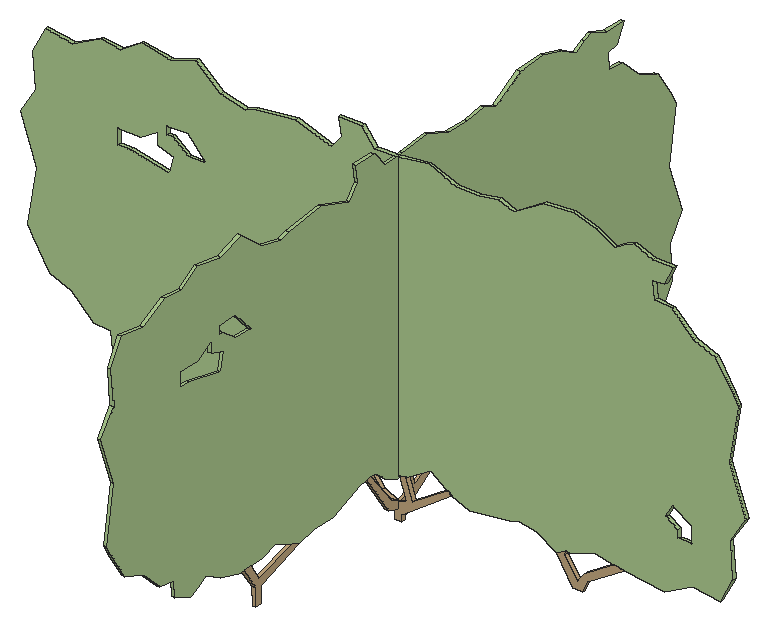
Revit family "L-PL낙엽관목_조팝나무", category 수목, Revit 2019
Family settings
  OmniClass 번호 = 23.40.05.00
  OmniClass 제목 = Plants and Planting Products
  작업 기준면 기반 = 아니오
  항상 수직 = 예
  로드될 때 보이드를 사용하여 절단 = 아니오
  렌더 모양 소스 = 패밀리 형상
  공유 = 아니오
Parameters (values of type "조팝나무")
  한국산업규격KS = ""
  조달청표준공사코드-세부공종 = "10161599202809"
  높이 = 1000 mm
  건설정보분류체계-부위분류 = "E985"
  LIM_INFO_주의사항 = "재배포, 재가공, 판매 금지"
  LIM_INFO_제작일 = "20211210"
  LIM_INFO_버전 = "2022_V01"
  LIM_INFO_PL_학명 = "Quercus myrsinaefolia Bl."
  LIM_INFO_PL_품명 = "가시나무"
  LIM_INFO_PL_주당인정수량 = 0
  LIM_INFO_PL_수목단위 = "주"
  LIM_INFO_PL_규격 = "5.0H X 18R"
  LIM_INFO_PL_구분 = "상록교목"
  LIM_INFO_PL_가격 = 0
  LIM_INFO_PL_Qty [instance] = 0
  LIM_INFO_PL_M2당수량 = 0
  KBIMS_식별-버전 = ""
  KBIMS_식별-bSK등록번호 = ""
  KBIMS_보급정보-저작자 = "림인포테크_MMJ"
  KBIMS_보급정보-보급코드 = ""
Reference planes
  plane 1 "중심(앞/뒤)": y = 0
  plane 2: z = 0
  plane 3 "중심(왼쪽/오른쪽)": x = 0
  plane 4: x = 482.5
  plane 5: x = -607.5
  plane 6: z = -545
  plane 7: z = -817.5
  plane 8: z = 5000
  plane 9: x = -100
  plane 10: x = 100
Dimensions and locks
  plane 4 to plane 5 = 1090 mm
  plane 6 to level = 545 mm
  plane 7 to plane 6 = 272.5 mm
  locked: level to plane 8 at 5000
  plane 9 to plane 10 = 200 mm
  aligned and locked: level to plane 2
Nested families
  nested 1: "조팝나무_base" at (0, 0, 0), type "조팝나무_base"
Definition of nested family "조팝나무_base"
  Parameters (values of type "조팝나무_base")
    Height = 6000 mm
  Reference planes
    plane 1 "중심(앞/뒤)": y = 0
    plane 2: z = 0
    plane 3 "중심(왼쪽/오른쪽)": x = 0
  Forms (mm)
    Revolve 1, solid, detail levels coarse
      sketch origin (0, 0, 0) x (1, 0, 0) y (0, 0, 1)
        loop
          line (0.01, 0) -> (0.01, 604.823) -> (-339.99, 604.823)
          arc (-339.99, 604.823) -> (-453.127, 557.96) -> (-499.99, 444.823) r 160
          line (-499.99, 444.823) -> (-499.99, 140)
          arc (-499.99, 140) -> (-476.558, 83.431) -> (-419.99, 60) r 80
          line (-419.99, 60) -> (-158.625, 60) -> (-158.625, 0) -> (0.01, 0)
        axis (0.01, 604.823) -> (0.01, 0)
      angle from 0 to 360
    Extrusion 2, solid, detail levels fine
      sketch origin (0, 0, 0) x (1, 0, 0) y (0, 0, 1)
        loop
          line (379.092, 444.92) -> (396.295, 446.915) -> (409.26, 472.584) -> (379.118, 472.584) -> (350.959, 483.224) -> (337.567, 478.076) -> (322.458, 468.808) -> (295.329, 483.568) -> (262.364, 493.179) -> (219.439, 490.089) -> (175.485, 463.924) -> (153.507, 472.505) -> (123.289, 467.013) -> (89.98, 467.013) -> (49.895, 482.524) -> (5.068, 477.138) -> (-28.556, 475.766) -> (-47.661, 498.791) -> (-81.832, 498.791) -> (-77.688, 474.122) -> (-92.343, 455.812) -> (-143.831, 473.299) -> (-203.416, 465.027) -> (-217.76, 460.616) -> (-254.449, 468.612) -> (-291.137, 498.778) -> (-329.205, 486.646) -> (-370.583, 493.815) -> (-400.375, 474.954) -> (-430.168, 478.263) -> (-470.994, 457.858) -> (-511.269, 463.373) -> (-530.027, 428.079) -> (-526.165, 377.344) -> (-548.233, 343.152) -> (-524.51, 275.873) -> (-537.751, 197.564) -> (-530.578, 184.329) -> (-504.658, 144.862) -> (-472.098, 132.367) -> (-440.162, 102.504) -> (-415.438, 100.445) -> (-412.691, 76.761) -> (-384.533, 66.12) -> (-371.14, 71.269) -> (-356.031, 80.536) -> (-328.903, 65.777) -> (-295.937, 56.166) -> (-287.867, 56.747) -> (-253.012, 59.255) -> (-231.035, 66.12) -> (-187.081, 48.958) -> (-156.862, 54.45) -> (-123.553, 54.45) -> (-75.027, 75.044) -> (-54.357, 77.564) -> (-46.869, 78.477) -> (-28.325, 64.404) -> (-5.661, 53.763) -> (17.138, 61.263) -> (21.467, 62.687) -> (53.059, 81.566) -> (84.308, 59.598) -> (110.258, 48.164) -> (169.843, 56.436) -> (184.187, 60.847) -> (208.599, 55.527) -> (237.458, 38.447) -> (251.087, 46.266) -> (257.564, 44.855) -> (295.632, 56.987) -> (322.038, 52.412) -> (337.01, 49.818) -> (396.594, 43.2) -> (437.421, 63.605) -> (477.695, 58.09) -> (496.453, 93.384) -> (492.591, 144.119) -> (514.66, 178.311) -> (490.936, 245.59) -> (504.177, 323.899) -> (497.005, 337.134) -> (471.084, 376.601) -> (438.525, 389.096) -> (406.589, 418.959) -> (381.865, 421.018) -> (379.092, 444.92)
        loop
          line (-346.247, 386.229) -> (-371.445, 370.038) -> (-404.742, 370.038) -> (-404.742, 348.449) -> (-385.844, 348.449) -> (-329.148, 336.754) -> (-323.296, 361.045) -> (-346.247, 369.138) -> (-346.247, 386.229)
        loop
          line (435.774, 142.926) -> (408.476, 159.979) -> (397.62, 142.602) -> (415.302, 131.556) -> (415.302, 120.188) -> (435.774, 120.188) -> (435.774, 142.926)
        loop
          line (-303.423, 400.057) -> (-333.115, 398.997) -> (-333.115, 386.631) -> (-325.339, 386.631) -> (-301.655, 368.611) -> (-274.438, 368.611) -> (-303.423, 400.057)
      from 0 to 5
    Extrusion 3, solid, detail levels fine
      sketch origin (0, 0, 0) x (1, 0, 0) y (0, 0, 1)
        loop
          line (-256.883, 23.755) -> (-187.081, 48.958) -> (-197.846, 53.161) -> (-259.758, 34.676) -> (-274.475, 57.71) -> (-287.867, 56.747) -> (-265.508, 25.48) -> (-264.933, 0) -> (-256.883, 0) -> (-256.883, 23.755)
        loop
          line (-60.948, 76.76) -> (-21.76, 19.529) -> (0, 12.66) -> (0, 0) -> (11.452, 0) -> (11.452, 8.654) -> (84.308, 59.598) -> (78.12, 63.948) -> (26.913, 31.549) -> (17.138, 61.263) -> (7.903, 58.225) -> (17.919, 27.778) -> (0.844, 22.161) -> (-17.752, 32.121) -> (-54.357, 77.564) -> (-60.948, 76.76)
        loop
          line (237.458, 38.447) -> (261.146, 0) -> (275.744, 0) -> (283.044, 16.417) -> (337.01, 49.818) -> (322.038, 52.412) -> (279.455, 25.675) -> (269.091, 13.172) -> (249.791, 40.323) -> (251.087, 46.266) -> (237.458, 38.447)
      from 0 to 5
    Extrusion 4, solid, detail levels fine
      sketch origin (0, 0, 0) x (0, 1, 0) y (0, 0, 1)
        loop
          line (379.092, 444.92) -> (396.295, 446.915) -> (409.26, 472.584) -> (379.118, 472.584) -> (350.959, 483.224) -> (337.567, 478.076) -> (322.458, 468.808) -> (295.329, 483.568) -> (262.364, 493.179) -> (219.439, 490.089) -> (175.485, 463.924) -> (153.507, 472.505) -> (123.289, 467.013) -> (89.98, 467.013) -> (49.895, 482.524) -> (5.068, 477.138) -> (-28.556, 475.766) -> (-47.661, 498.791) -> (-81.832, 498.791) -> (-77.688, 474.122) -> (-92.343, 455.812) -> (-143.831, 473.299) -> (-203.416, 465.027) -> (-217.76, 460.616) -> (-254.449, 468.612) -> (-291.137, 498.778) -> (-329.205, 486.646) -> (-370.583, 493.815) -> (-400.375, 474.954) -> (-430.168, 478.263) -> (-470.994, 457.858) -> (-511.269, 463.373) -> (-530.027, 428.079) -> (-526.165, 377.344) -> (-548.233, 343.152) -> (-524.51, 275.873) -> (-537.751, 197.564) -> (-530.578, 184.329) -> (-504.658, 144.862) -> (-472.098, 132.367) -> (-440.162, 102.504) -> (-415.438, 100.445) -> (-412.691, 76.761) -> (-384.533, 66.12) -> (-371.14, 71.269) -> (-356.031, 80.536) -> (-328.903, 65.777) -> (-295.937, 56.166) -> (-287.867, 56.747) -> (-253.012, 59.255) -> (-231.035, 66.12) -> (-187.081, 48.958) -> (-156.862, 54.45) -> (-123.553, 54.45) -> (-75.027, 75.044) -> (-54.357, 77.564) -> (-46.869, 78.477) -> (-28.325, 64.404) -> (-5.661, 53.763) -> (17.138, 61.263) -> (21.467, 62.687) -> (53.059, 81.566) -> (84.308, 59.598) -> (110.258, 48.164) -> (169.843, 56.436) -> (184.187, 60.847) -> (208.599, 55.527) -> (237.458, 38.447) -> (251.087, 46.266) -> (257.564, 44.855) -> (295.632, 56.987) -> (322.038, 52.412) -> (337.01, 49.818) -> (396.594, 43.2) -> (437.421, 63.605) -> (477.695, 58.09) -> (496.453, 93.384) -> (492.591, 144.119) -> (514.66, 178.311) -> (490.936, 245.59) -> (504.177, 323.899) -> (497.005, 337.134) -> (471.084, 376.601) -> (438.525, 389.096) -> (406.589, 418.959) -> (381.865, 421.018) -> (379.092, 444.92)
        loop
          line (-346.247, 386.229) -> (-371.445, 370.038) -> (-404.742, 370.038) -> (-404.742, 348.449) -> (-385.844, 348.449) -> (-329.148, 336.754) -> (-323.296, 361.045) -> (-346.247, 369.138) -> (-346.247, 386.229)
        loop
          line (435.774, 142.926) -> (408.476, 159.979) -> (397.62, 142.602) -> (415.302, 131.556) -> (415.302, 120.188) -> (435.774, 120.188) -> (435.774, 142.926)
        loop
          line (-303.423, 400.057) -> (-333.115, 398.997) -> (-333.115, 386.631) -> (-325.339, 386.631) -> (-301.655, 368.611) -> (-274.438, 368.611) -> (-303.423, 400.057)
      from 0 to 5
    Extrusion 5, solid, detail levels fine
      sketch origin (0, 0, 0) x (0, 1, 0) y (0, 0, 1)
        loop
          line (-256.883, 23.755) -> (-187.081, 48.958) -> (-197.846, 53.161) -> (-259.758, 34.676) -> (-274.475, 57.71) -> (-287.867, 56.747) -> (-265.508, 25.48) -> (-264.933, 0) -> (-256.883, 0) -> (-256.883, 23.755)
        loop
          line (-60.948, 76.76) -> (-21.76, 19.529) -> (0, 12.66) -> (0, 0) -> (11.452, 0) -> (11.452, 8.654) -> (84.308, 59.598) -> (78.12, 63.948) -> (26.913, 31.549) -> (17.138, 61.263) -> (7.903, 58.225) -> (17.919, 27.778) -> (0.844, 22.161) -> (-17.752, 32.121) -> (-54.357, 77.564) -> (-60.948, 76.76)
        loop
          line (237.458, 38.447) -> (261.146, 0) -> (275.744, 0) -> (283.044, 16.417) -> (337.01, 49.818) -> (322.038, 52.412) -> (279.455, 25.675) -> (269.091, 13.172) -> (249.791, 40.323) -> (251.087, 46.266) -> (237.458, 38.447)
      from 0 to 5
  Lines and regions (mm)
    symbolic lines
      curve 1: circle (0.578, 0, 0) r 31.556 normal (0, 0, 1)
      curve 2: line (155.575, 440.529, 0) -> (142.524, 450.932, 0)
      curve 3: line (142.524, 450.932, 0) -> (127.189, 458.817, 0)
      curve 4: line (127.189, 458.817, 0) -> (110.329, 463.733, 0)
      curve 5: line (110.329, 463.733, 0) -> (92.707, 465.225, 0)
      curve 6: line (92.707, 465.225, 0) -> (75.083, 462.84, 0)
      curve 7: line (75.083, 462.84, 0) -> (58.219, 456.125, 0)
      curve 8: line (58.219, 456.125, 0) -> (42.876, 444.626, 0)
      curve 9: line (42.876, 444.626, 0) -> (29.816, 427.89, 0)
      curve 10: line (29.816, 427.89, 0) -> (19.547, 405.859, 0)
      curve 11: line (19.547, 405.859, 0) -> (11.568, 380.056, 0)
      curve 12: line (11.568, 380.056, 0) -> (5.125, 352.4, 0)
      curve 13: line (5.125, 352.4, 0) -> (-0.536, 324.811, 0)
      curve 14: line (-0.536, 324.811, 0) -> (-6.17, 299.207, 0)
      curve 15: line (-6.17, 299.207, 0) -> (-12.53, 277.508, 0)
      curve 16: line (-12.53, 277.508, 0) -> (-20.37, 261.632, 0)
      curve 17: line (-20.37, 261.632, 0) -> (-30.444, 253.498, 0)
      curve 18: line (-30.444, 253.498, 0) -> (-43.302, 254.382, 0)
      curve 19: line (-43.302, 254.382, 0) -> (-58.669, 262.979, 0)
      curve 20: line (-58.669, 262.979, 0) -> (-76.07, 277.342, 0)
      curve 21: line (-76.07, 277.342, 0) -> (-95.026, 295.525, 0)
      curve 22: line (-95.026, 295.525, 0) -> (-115.06, 315.578, 0)
      curve 23: line (-115.06, 315.578, 0) -> (-135.694, 335.554, 0)
      curve 24: line (-135.694, 335.554, 0) -> (-156.451, 353.506, 0)
      curve 25: line (-156.451, 353.506, 0) -> (-176.853, 367.487, 0)
      curve 26: line (-176.853, 367.487, 0) -> (-196.441, 375.972, 0)
      curve 27: line (-196.441, 375.972, 0) -> (-214.837, 379.133, 0)
      curve 28: line (-214.837, 379.133, 0) -> (-231.68, 377.566, 0)
      curve 29: line (-231.68, 377.566, 0) -> (-246.609, 371.867, 0)
      curve 30: line (-246.609, 371.867, 0) -> (-259.265, 362.631, 0)
      curve 31: line (-259.265, 362.631, 0) -> (-269.288, 350.454, 0)
      curve 32: line (-269.288, 350.454, 0) -> (-276.317, 335.932, 0)
      curve 33: line (-276.317, 335.932, 0) -> (-279.991, 319.659, 0)
      curve 34: line (-279.991, 319.659, 0) -> (-280.192, 302.217, 0)
      curve 35: line (-280.192, 302.217, 0) -> (-277.758, 284.118, 0)
      curve 36: line (-277.758, 284.118, 0) -> (-273.768, 265.861, 0)
      curve 37: line (-273.768, 265.861, 0) -> (-269.302, 247.945, 0)
      curve 38: line (-269.302, 247.945, 0) -> (-265.44, 230.866, 0)
      curve 39: line (-265.44, 230.866, 0) -> (-263.26, 215.124, 0)
      curve 40: line (-263.26, 215.124, 0) -> (-263.843, 201.216, 0)
      curve 41: line (-263.843, 201.216, 0) -> (-268.267, 189.641, 0)
      curve 42: line (-268.267, 189.641, 0) -> (-277.27, 180.693, 0)
      curve 43: line (-277.27, 180.693, 0) -> (-290.217, 173.856, 0)
      curve 44: line (-290.217, 173.856, 0) -> (-306.133, 168.412, 0)
      curve 45: line (-306.133, 168.412, 0) -> (-324.042, 163.641, 0)
      curve 46: line (-324.042, 163.641, 0) -> (-342.967, 158.823, 0)
      curve 47: line (-342.967, 158.823, 0) -> (-361.933, 153.24, 0)
      curve 48: line (-361.933, 153.24, 0) -> (-379.964, 146.173, 0)
      curve 49: line (-379.964, 146.173, 0) -> (-396.083, 136.903, 0)
      curve 50: line (-396.083, 136.903, 0) -> (-409.425, 124.941, 0)
      curve 51: line (-409.425, 124.941, 0) -> (-419.564, 110.73, 0)
      curve 52: line (-419.564, 110.73, 0) -> (-426.184, 94.941, 0)
      curve 53: line (-426.184, 94.941, 0) -> (-428.971, 78.248, 0)
      curve 54: line (-428.971, 78.248, 0) -> (-427.608, 61.323, 0)
      curve 55: line (-427.608, 61.323, 0) -> (-421.78, 44.838, 0)
      curve 56: line (-421.78, 44.838, 0) -> (-411.172, 29.466, 0)
      curve 57: line (-411.172, 29.466, 0) -> (-395.469, 15.881, 0)
      curve 58: line (-395.469, 15.881, 0) -> (-374.712, 4.544, 0)
      curve 59: line (-374.712, 4.544, 0) -> (-350.378, -4.919, 0)
      curve 60: line (-350.378, -4.919, 0) -> (-324.297, -13.093, 0)
      curve 61: line (-324.297, -13.093, 0) -> (-298.304, -20.563, 0)
      curve 62: line (-298.304, -20.563, 0) -> (-274.23, -27.913, 0)
      curve 63: line (-274.23, -27.913, 0) -> (-253.91, -35.729, 0)
      curve 64: line (-253.91, -35.729, 0) -> (-239.174, -44.596, 0)
      curve 65: line (-239.174, -44.596, 0) -> (-231.857, -55.097, 0)
      curve 66: line (-231.857, -55.097, 0) -> (-233.196, -67.636, 0)
      curve 67: line (-233.196, -67.636, 0) -> (-242.05, -81.888, 0)
      curve 68: line (-242.05, -81.888, 0) -> (-256.684, -97.344, 0)
      curve 69: line (-256.684, -97.344, 0) -> (-275.363, -113.497, 0)
      curve 70: line (-275.363, -113.497, 0) -> (-296.351, -129.84, 0)
      curve 71: line (-296.351, -129.84, 0) -> (-317.913, -145.865, 0)
      curve 72: line (-317.913, -145.865, 0) -> (-338.313, -161.064, 0)
      curve 73: line (-338.313, -161.064, 0) -> (-355.816, -174.93, 0)
      curve 74: line (-355.816, -174.93, 0) -> (-369.024, -187.057, 0)
      curve 75: line (-369.024, -187.057, 0) -> (-377.882, -197.45, 0)
      curve 76: line (-377.882, -197.45, 0) -> (-382.675, -206.216, 0)
      curve 77: line (-382.675, -206.216, 0) -> (-383.685, -213.461, 0)
      curve 78: line (-383.685, -213.461, 0) -> (-381.195, -219.292, 0)
      curve 79: line (-381.195, -219.292, 0) -> (-375.49, -223.816, 0)
      curve 80: line (-375.49, -223.816, 0) -> (-366.852, -227.139, 0)
      curve 81: line (-366.852, -227.139, 0) -> (-355.564, -229.368, 0)
      curve 82: line (-355.564, -229.368, 0) -> (-341.98, -230.672, 0)
      curve 83: line (-341.98, -230.672, 0) -> (-326.729, -231.465, 0)
      curve 84: line (-326.729, -231.465, 0) -> (-310.511, -232.222, 0)
      curve 85: line (-310.511, -232.222, 0) -> (-294.026, -233.419, 0)
      curve 86: line (-294.026, -233.419, 0) -> (-277.974, -235.533, 0)
      curve 87: line (-277.974, -235.533, 0) -> (-263.054, -239.038, 0)
      curve 88: line (-263.054, -239.038, 0) -> (-249.967, -244.411, 0)
      curve 89: line (-249.967, -244.411, 0) -> (-239.412, -252.128, 0)
      curve 90: line (-239.412, -252.128, 0) -> (-231.891, -262.474, 0)
      curve 91: line (-231.891, -262.474, 0) -> (-227.122, -274.98, 0)
      curve 92: line (-227.122, -274.98, 0) -> (-224.623, -288.985, 0)
      curve 93: line (-224.623, -288.985, 0) -> (-223.913, -303.828, 0)
      curve 94: line (-223.913, -303.828, 0) -> (-224.513, -318.849, 0)
      curve 95: line (-224.513, -318.849, 0) -> (-225.94, -333.388, 0)
      curve 96: line (-225.94, -333.388, 0) -> (-227.716, -346.785, 0)
      curve 97: line (-227.716, -346.785, 0) -> (-229.358, -358.379, 0)
      curve 98: line (-229.358, -358.379, 0) -> (-230.433, -367.619, 0)
      curve 99: line (-230.433, -367.619, 0) -> (-230.696, -374.387, 0)
      curve 100: line (-230.696, -374.387, 0) -> (-229.949, -378.674, 0)
      curve 101: line (-229.949, -378.674, 0) -> (-227.994, -380.471, 0)
      curve 102: line (-227.994, -380.471, 0) -> (-224.632, -379.768, 0)
      curve 103: line (-224.632, -379.768, 0) -> (-219.665, -376.557, 0)
      curve 104: line (-219.665, -376.557, 0) -> (-212.896, -370.829, 0)
      curve 105: line (-212.896, -370.829, 0) -> (-204.126, -362.574, 0)
      curve 106: line (-204.126, -362.574, 0) -> (-193.282, -351.961, 0)
      curve 107: line (-193.282, -351.961, 0) -> (-180.793, -339.864, 0)
      curve 108: line (-180.793, -339.864, 0) -> (-167.214, -327.335, 0)
      curve 109: line (-167.214, -327.335, 0) -> (-153.098, -315.428, 0)
      curve 110: line (-153.098, -315.428, 0) -> (-139.001, -305.193, 0)
      curve 111: line (-139.001, -305.193, 0) -> (-125.475, -297.683, 0)
      curve 112: line (-125.475, -297.683, 0) -> (-113.077, -293.95, 0)
      curve 113: line (-113.077, -293.95, 0) -> (-102.359, -295.046, 0)
      curve 114: line (-102.359, -295.046, 0) -> (-93.701, -301.659, 0)
      curve 115: line (-93.701, -301.659, 0) -> (-86.775, -313.018, 0)
      curve 116: line (-86.775, -313.018, 0) -> (-81.078, -327.986, 0)
      curve 117: line (-81.078, -327.986, 0) -> (-76.108, -345.429, 0)
      curve 118: line (-76.108, -345.429, 0) -> (-71.362, -364.211, 0)
      curve 119: line (-71.362, -364.211, 0) -> (-66.337, -383.196, 0)
      curve 120: line (-66.337, -383.196, 0) -> (-60.531, -401.248, 0)
      curve 121: line (-60.531, -401.248, 0) -> (-53.439, -417.232, 0)
      curve 122: line (-53.439, -417.232, 0) -> (-44.712, -430.187, 0)
      curve 123: line (-44.712, -430.187, 0) -> (-34.606, -439.849, 0)
      curve 124: line (-34.606, -439.849, 0) -> (-23.529, -446.128, 0)
      curve 125: line (-23.529, -446.128, 0) -> (-11.891, -448.937, 0)
      curve 126: line (-11.891, -448.937, 0) -> (-0.099, -448.186, 0)
      curve 127: line (-0.099, -448.186, 0) -> (11.437, -443.785, 0)
      curve 128: line (11.437, -443.785, 0) -> (22.31, -435.647, 0)
      curve 129: line (22.31, -435.647, 0) -> (32.11, -423.681, 0)
      curve 130: line (32.11, -423.681, 0) -> (40.577, -408.031, 0)
      curve 131: line (40.577, -408.031, 0) -> (48.041, -389.771, 0)
      curve 132: line (48.041, -389.771, 0) -> (54.98, -370.206, 0)
      curve 133: line (54.98, -370.206, 0) -> (61.87, -350.644, 0)
      curve 134: line (61.87, -350.644, 0) -> (69.191, -332.389, 0)
      curve 135: line (69.191, -332.389, 0) -> (77.419, -316.748, 0)
      curve 136: line (77.419, -316.748, 0) -> (87.032, -305.027, 0)
      curve 137: line (87.032, -305.027, 0) -> (98.508, -298.532, 0)
      curve 138: line (98.508, -298.532, 0) -> (112.177, -298.129, 0)
      curve 139: line (112.177, -298.129, 0) -> (127.778, -302.924, 0)
      curve 140: line (127.778, -302.924, 0) -> (144.902, -311.584, 0)
      curve 141: line (144.902, -311.584, 0) -> (163.142, -322.775, 0)
      curve 142: line (163.142, -322.775, 0) -> (182.088, -335.164, 0)
      curve 143: line (182.088, -335.164, 0) -> (201.332, -347.417, 0)
      curve 144: line (201.332, -347.417, 0) -> (220.466, -358.2, 0)
      curve 145: line (220.466, -358.2, 0) -> (239.081, -366.18, 0)
      curve 146: line (239.081, -366.18, 0) -> (256.759, -370.279, 0)
      curve 147: line (256.759, -370.279, 0) -> (273.048, -370.435, 0)
      curve 148: line (273.048, -370.435, 0) -> (287.483, -366.843, 0)
      curve 149: line (287.483, -366.843, 0) -> (299.604, -359.698, 0)
      curve 150: line (299.604, -359.698, 0) -> (308.946, -349.195, 0)
      curve 151: line (308.946, -349.195, 0) -> (315.048, -335.527, 0)
      curve 152: line (315.048, -335.527, 0) -> (317.447, -318.889, 0)
      curve 153: line (317.447, -318.889, 0) -> (315.68, -299.477, 0)
      curve 154: line (315.68, -299.477, 0) -> (309.612, -277.606, 0)
      curve 155: line (309.612, -277.606, 0) -> (300.418, -254.078, 0)
      curve 156: line (300.418, -254.078, 0) -> (289.6, -229.818, 0)
      curve 157: line (289.6, -229.818, 0) -> (278.661, -205.751, 0)
      curve 158: line (278.661, -205.751, 0) -> (269.103, -182.802, 0)
      curve 159: line (269.103, -182.802, 0) -> (262.428, -161.893, 0)
      curve 160: line (262.428, -161.893, 0) -> (260.139, -143.951, 0)
      curve 161: line (260.139, -143.951, 0) -> (263.738, -129.898, 0)
      curve 162: line (263.738, -129.898, 0) -> (274.236, -120.332, 0)
      curve 163: line (274.236, -120.332, 0) -> (290.673, -114.531, 0)
      curve 164: line (290.673, -114.531, 0) -> (311.598, -111.447, 0)
      curve 165: line (311.598, -111.447, 0) -> (335.562, -110.031, 0)
      curve 166: line (335.562, -110.031, 0) -> (361.112, -109.234, 0)
      curve 167: line (361.112, -109.234, 0) -> (386.798, -108.007, 0)
      curve 168: line (386.798, -108.007, 0) -> (411.17, -105.301, 0)
      curve 169: line (411.17, -105.301, 0) -> (432.775, -100.068, 0)
      curve 170: line (432.775, -100.068, 0) -> (450.369, -91.558, 0)
      curve 171: line (450.369, -91.558, 0) -> (463.517, -80.22, 0)
      curve 172: line (463.517, -80.22, 0) -> (471.993, -66.803, 0)
      curve 173: line (471.993, -66.803, 0) -> (475.569, -52.057, 0)
      curve 174: line (475.569, -52.057, 0) -> (474.016, -36.729, 0)
      curve 175: line (474.016, -36.729, 0) -> (467.106, -21.57, 0)
      curve 176: line (467.106, -21.57, 0) -> (454.613, -7.327, 0)
      curve 177: line (454.613, -7.327, 0) -> (436.306, 5.249, 0)
      curve 178: line (436.306, 5.249, 0) -> (412.343, 15.64, 0)
      curve 179: line (412.343, 15.64, 0) -> (384.409, 24.246, 0)
      curve 180: line (384.409, 24.246, 0) -> (354.575, 31.696, 0)
      curve 181: line (354.575, 31.696, 0) -> (324.91, 38.619, 0)
      curve 182: line (324.91, 38.619, 0) -> (297.485, 45.644, 0)
      curve 183: line (297.485, 45.644, 0) -> (274.37, 53.401, 0)
      curve 184: line (274.37, 53.401, 0) -> (257.634, 62.518, 0)
      curve 185: line (257.634, 62.518, 0) -> (249.348, 73.626, 0)
      curve 186: line (249.348, 73.626, 0) -> (250.885, 87.179, 0)
      curve 187: line (250.885, 87.179, 0) -> (260.833, 102.934, 0)
      curve 188: line (260.833, 102.934, 0) -> (277.083, 120.473, 0)
      curve 189: line (277.083, 120.473, 0) -> (297.525, 139.377, 0)
      curve 190: line (297.525, 139.377, 0) -> (320.051, 159.23, 0)
      curve 191: line (320.051, 159.23, 0) -> (342.552, 179.614, 0)
      curve 192: line (342.552, 179.614, 0) -> (362.918, 200.11, 0)
      curve 193: line (362.918, 200.11, 0) -> (379.04, 220.301, 0)
      curve 194: line (379.04, 220.301, 0) -> (389.272, 239.79, 0)
      curve 195: line (389.272, 239.79, 0) -> (393.81, 258.264, 0)
      curve 196: line (393.81, 258.264, 0) -> (393.313, 275.432, 0)
      curve 197: line (393.313, 275.432, 0) -> (388.441, 291.001, 0)
      curve 198: line (388.441, 291.001, 0) -> (379.851, 304.68, 0)
      curve 199: line (379.851, 304.68, 0) -> (368.204, 316.177, 0)
      curve 200: line (368.204, 316.177, 0) -> (354.158, 325.2, 0)
      curve 201: line (354.158, 325.2, 0) -> (338.371, 331.457, 0)
      curve 202: line (338.371, 331.457, 0) -> (321.472, 334.839, 0)
      curve 203: line (321.472, 334.839, 0) -> (303.959, 335.972, 0)
      curve 204: line (303.959, 335.972, 0) -> (286.3, 335.661, 0)
      curve 205: line (286.3, 335.661, 0) -> (268.964, 334.716, 0)
      curve 206: line (268.964, 334.716, 0) -> (252.419, 333.942, 0)
      curve 207: line (252.419, 333.942, 0) -> (237.131, 334.148, 0)
      curve 208: line (237.131, 334.148, 0) -> (223.57, 336.141, 0)
      curve 209: line (223.57, 336.141, 0) -> (212.202, 340.729, 0)
      curve 210: line (212.202, 340.729, 0) -> (203.3, 348.47, 0)
      curve 211: line (203.3, 348.47, 0) -> (196.346, 358.93, 0)
      curve 212: line (196.346, 358.93, 0) -> (190.626, 371.426, 0)
      curve 213: line (190.626, 371.426, 0) -> (185.428, 385.274, 0)
      curve 214: line (185.428, 385.274, 0) -> (180.037, 399.791, 0)
      curve 215: line (180.037, 399.791, 0) -> (173.74, 414.295, 0)
      curve 216: line (173.74, 414.295, 0) -> (165.824, 428.102, 0)
      curve 217: line (165.824, 428.102, 0) -> (155.575, 440.529, 0)
      curve 218: line (176.204, 470.875, 0) -> (158.864, 480.945, 0)
      curve 219: line (158.864, 480.945, 0) -> (138.526, 488.96, 0)
      curve 220: line (138.526, 488.96, 0) -> (116.188, 494.528, 0)
      curve 221: line (116.188, 494.528, 0) -> (92.848, 497.261, 0)
      curve 222: line (92.848, 497.261, 0) -> (69.504, 496.768, 0)
      curve 223: line (69.504, 496.768, 0) -> (47.154, 492.661, 0)
      curve 224: line (47.154, 492.661, 0) -> (26.796, 484.548, 0)
      curve 225: line (26.796, 484.548, 0) -> (9.427, 472.042, 0)
      curve 226: line (9.427, 472.042, 0) -> (-4.253, 455.077, 0)
      curve 227: line (-4.253, 455.077, 0) -> (-14.739, 434.891, 0)
      curve 228: line (-14.739, 434.891, 0) -> (-22.828, 413.046, 0)
      curve 229: line (-22.828, 413.046, 0) -> (-29.312, 391.105, 0)
      curve 230: line (-29.312, 391.105, 0) -> (-34.988, 370.631, 0)
      curve 231: line (-34.988, 370.631, 0) -> (-40.65, 353.186, 0)
      curve 232: line (-40.65, 353.186, 0) -> (-47.092, 340.334, 0)
      curve 233: line (-47.092, 340.334, 0) -> (-55.109, 333.636, 0)
      curve 234: line (-55.109, 333.636, 0) -> (-65.326, 334.118, 0)
      curve 235: line (-65.326, 334.118, 0) -> (-77.68, 340.658, 0)
      curve 236: line (-77.68, 340.658, 0) -> (-91.94, 351.597, 0)
      curve 237: line (-91.94, 351.597, 0) -> (-107.874, 365.275, 0)
      curve 238: line (-107.874, 365.275, 0) -> (-125.249, 380.032, 0)
      curve 239: line (-125.249, 380.032, 0) -> (-143.833, 394.21, 0)
      curve 240: line (-143.833, 394.21, 0) -> (-163.394, 406.148, 0)
      curve 241: line (-163.394, 406.148, 0) -> (-183.701, 414.189, 0)
      curve 242: line (-183.701, 414.189, 0) -> (-204.46, 417.058, 0)
      curve 243: line (-204.46, 417.058, 0) -> (-225.14, 415.036, 0)
      curve 244: line (-225.14, 415.036, 0) -> (-245.149, 408.789, 0)
      curve 245: line (-245.149, 408.789, 0) -> (-263.893, 398.982, 0)
      curve 246: line (-263.893, 398.982, 0) -> (-280.781, 386.281, 0)
      curve 247: line (-280.781, 386.281, 0) -> (-295.221, 371.354, 0)
      curve 248: line (-295.221, 371.354, 0) -> (-306.621, 354.866, 0)
      curve 249: line (-306.621, 354.866, 0) -> (-314.387, 337.483, 0)
      curve 250: line (-314.387, 337.483, 0) -> (-318.204, 319.816, 0)
      curve 251: line (-318.204, 319.816, 0) -> (-318.854, 302.253, 0)
      curve 252: line (-318.854, 302.253, 0) -> (-317.396, 285.126, 0)
      curve 253: line (-317.396, 285.126, 0) -> (-314.888, 268.769, 0)
      curve 254: line (-314.888, 268.769, 0) -> (-312.39, 253.513, 0)
      curve 255: line (-312.39, 253.513, 0) -> (-310.959, 239.691, 0)
      curve 256: line (-310.959, 239.691, 0) -> (-311.655, 227.636, 0)
      curve 257: line (-311.655, 227.636, 0) -> (-315.535, 217.68, 0)
      curve 258: line (-315.535, 217.68, 0) -> (-323.345, 209.971, 0)
      curve 259: line (-323.345, 209.971, 0) -> (-334.581, 203.91, 0)
      curve 260: line (-334.581, 203.91, 0) -> (-348.423, 198.718, 0)
      curve 261: line (-348.423, 198.718, 0) -> (-364.054, 193.61, 0)
      curve 262: line (-364.054, 193.61, 0) -> (-380.655, 187.806, 0)
      curve 263: line (-380.655, 187.806, 0) -> (-397.407, 180.523, 0)
      curve 264: line (-397.407, 180.523, 0) -> (-413.494, 170.979, 0)
      curve 265: line (-413.494, 170.979, 0) -> (-428.095, 158.391, 0)
      curve 266: line (-428.095, 158.391, 0) -> (-440.483, 142.26, 0)
      curve 267: line (-440.483, 142.26, 0) -> (-450.286, 123.212, 0)
      curve 268: line (-450.286, 123.212, 0) -> (-457.223, 102.156, 0)
      curve 269: line (-457.223, 102.156, 0) -> (-461.012, 80.001, 0)
      curve 270: line (-461.012, 80.001, 0) -> (-461.371, 57.656, 0)
      curve 271: line (-461.371, 57.656, 0) -> (-458.019, 36.029, 0)
      curve 272: line (-458.019, 36.029, 0) -> (-450.673, 16.03, 0)
      curve 273: line (-450.673, 16.03, 0) -> (-439.054, -1.433, 0)
      curve 274: line (-439.054, -1.433, 0) -> (-423.172, -15.711, 0)
      curve 275: line (-423.172, -15.711, 0) -> (-404.224, -27.192, 0)
      curve 276: line (-404.224, -27.192, 0) -> (-383.698, -36.526, 0)
      curve 277: line (-383.698, -36.526, 0) -> (-363.083, -44.36, 0)
      curve 278: line (-363.083, -44.36, 0) -> (-343.868, -51.343, 0)
      curve 279: line (-343.868, -51.343, 0) -> (-327.543, -58.125, 0)
      curve 280: line (-327.543, -58.125, 0) -> (-315.596, -65.352, 0)
      curve 281: line (-315.596, -65.352, 0) -> (-309.517, -73.675, 0)
      curve 282: line (-309.517, -73.675, 0) -> (-310.309, -83.583, 0)
      curve 283: line (-310.309, -83.583, 0) -> (-317.027, -94.939, 0)
      curve 284: line (-317.027, -94.939, 0) -> (-328.24, -107.445, 0)
      curve 285: line (-328.24, -107.445, 0) -> (-342.517, -120.805, 0)
      curve 286: line (-342.517, -120.805, 0) -> (-358.428, -134.722, 0)
      curve 287: line (-358.428, -134.722, 0) -> (-374.541, -148.9, 0)
      curve 288: line (-374.541, -148.9, 0) -> (-389.425, -163.043, 0)
      curve 289: line (-389.425, -163.043, 0) -> (-401.65, -176.853, 0)
      curve 290: line (-401.65, -176.853, 0) -> (-410.073, -190.064, 0)
      curve 291: line (-410.073, -190.064, 0) -> (-414.705, -202.521, 0)
      curve 292: line (-414.705, -202.521, 0) -> (-415.847, -214.101, 0)
      curve 293: line (-415.847, -214.101, 0) -> (-413.799, -224.678, 0)
      curve 294: line (-413.799, -224.678, 0) -> (-408.86, -234.127, 0)
      curve 295: line (-408.86, -234.127, 0) -> (-401.33, -242.325, 0)
      curve 296: line (-401.33, -242.325, 0) -> (-391.51, -249.147, 0)
      curve 297: line (-391.51, -249.147, 0) -> (-379.7, -254.467, 0)
      curve 298: line (-379.7, -254.467, 0) -> (-366.243, -258.268, 0)
      curve 299: line (-366.243, -258.268, 0) -> (-351.665, -260.958, 0)
      curve 300: line (-351.665, -260.958, 0) -> (-336.534, -263.051, 0)
      curve 301: line (-336.534, -263.051, 0) -> (-321.42, -265.062, 0)
      curve 302: line (-321.42, -265.062, 0) -> (-306.891, -267.507, 0)
      curve 303: line (-306.891, -267.507, 0) -> (-293.515, -270.899, 0)
      curve 304: line (-293.515, -270.899, 0) -> (-281.863, -275.753, 0)
      curve 305: line (-281.863, -275.753, 0) -> (-272.504, -282.584, 0)
      curve 306: line (-272.504, -282.584, 0) -> (-265.826, -291.731, 0)
      curve 307: line (-265.826, -291.731, 0) -> (-261.507, -302.833, 0)
      curve 308: line (-261.507, -302.833, 0) -> (-259.042, -315.352, 0)
      curve 309: line (-259.042, -315.352, 0) -> (-257.931, -328.751, 0)
      curve 310: line (-257.931, -328.751, 0) -> (-257.668, -342.493, 0)
      curve 311: line (-257.668, -342.493, 0) -> (-257.753, -356.041, 0)
      curve 312: line (-257.753, -356.041, 0) -> (-257.681, -368.857, 0)
      curve 313: line (-257.681, -368.857, 0) -> (-256.949, -380.404, 0)
      curve 314: line (-256.949, -380.404, 0) -> (-255.141, -390.224, 0)
      curve 315: line (-255.141, -390.224, 0) -> (-252.183, -398.17, 0)
      curve 316: line (-252.183, -398.17, 0) -> (-248.084, -404.174, 0)
      curve 317: line (-248.084, -404.174, 0) -> (-242.855, -408.17, 0)
      curve 318: line (-242.855, -408.17, 0) -> (-236.509, -410.089, 0)
      curve 319: line (-236.509, -410.089, 0) -> (-229.055, -409.863, 0)
      curve 320: line (-229.055, -409.863, 0) -> (-220.505, -407.425, 0)
      curve 321: line (-220.505, -407.425, 0) -> (-210.87, -402.707, 0)
      curve 322: line (-210.87, -402.707, 0) -> (-200.217, -395.797, 0)
      curve 323: line (-200.217, -395.797, 0) -> (-188.841, -387.409, 0)
      curve 324: line (-188.841, -387.409, 0) -> (-177.093, -378.412, 0)
      curve 325: line (-177.093, -378.412, 0) -> (-165.324, -369.675, 0)
      curve 326: line (-165.324, -369.675, 0) -> (-153.886, -362.067, 0)
      curve 327: line (-153.886, -362.067, 0) -> (-143.129, -356.458, 0)
      curve 328: line (-143.129, -356.458, 0) -> (-133.404, -353.718, 0)
      curve 329: line (-133.404, -353.718, 0) -> (-125.064, -354.714, 0)
      curve 330: line (-125.064, -354.714, 0) -> (-118.307, -360.027, 0)
      curve 331: line (-118.307, -360.027, 0) -> (-112.734, -369.074, 0)
      curve 332: line (-112.734, -369.074, 0) -> (-107.791, -380.981, 0)
      curve 333: line (-107.791, -380.981, 0) -> (-102.928, -394.877, 0)
      curve 334: line (-102.928, -394.877, 0) -> (-97.591, -409.888, 0)
      curve 335: line (-97.591, -409.888, 0) -> (-91.229, -425.141, 0)
      curve 336: line (-91.229, -425.141, 0) -> (-83.29, -439.764, 0)
      curve 337: line (-83.29, -439.764, 0) -> (-73.222, -452.883, 0)
      curve 338: line (-73.222, -452.883, 0) -> (-60.671, -463.748, 0)
      curve 339: line (-60.671, -463.748, 0) -> (-46.075, -472.098, 0)
      curve 340: line (-46.075, -472.098, 0) -> (-30.072, -477.791, 0)
      curve 341: line (-30.072, -477.791, 0) -> (-13.297, -480.69, 0)
      curve 342: line (-13.297, -480.69, 0) -> (3.613, -480.654, 0)
      curve 343: line (3.613, -480.654, 0) -> (20.021, -477.544, 0)
      curve 344: line (20.021, -477.544, 0) -> (35.291, -471.221, 0)
      curve 345: line (35.291, -471.221, 0) -> (48.786, -461.543, 0)
      curve 346: line (48.786, -461.543, 0) -> (60.067, -448.585, 0)
      curve 347: line (60.067, -448.585, 0) -> (69.486, -433.268, 0)
      curve 348: line (69.486, -433.268, 0) -> (77.592, -416.726, 0)
      curve 349: line (77.592, -416.726, 0) -> (84.934, -400.092, 0)
      curve 350: line (84.934, -400.092, 0) -> (92.062, -384.501, 0)
      curve 351: line (92.062, -384.501, 0) -> (99.525, -371.086, 0)
      curve 352: line (99.525, -371.086, 0) -> (107.873, -360.981, 0)
      curve 353: line (107.873, -360.981, 0) -> (117.654, -355.321, 0)
      curve 354: line (117.654, -355.321, 0) -> (129.29, -354.846, 0)
      curve 355: line (129.29, -354.846, 0) -> (142.686, -358.724, 0)
      curve 356: line (142.686, -358.724, 0) -> (157.619, -365.73, 0)
      curve 357: line (157.619, -365.73, 0) -> (173.866, -374.641, 0)
      curve 358: line (173.866, -374.641, 0) -> (191.205, -384.231, 0)
      curve 359: line (191.205, -384.231, 0) -> (209.412, -393.276, 0)
      curve 360: line (209.412, -393.276, 0) -> (228.264, -400.55, 0)
      curve 361: line (228.264, -400.55, 0) -> (247.539, -404.83, 0)
      curve 362: line (247.539, -404.83, 0) -> (266.944, -405.152, 0)
      curve 363: line (266.944, -405.152, 0) -> (285.909, -401.597, 0)
      curve 364: line (285.909, -401.597, 0) -> (303.797, -394.509, 0)
      curve 365: line (303.797, -394.509, 0) -> (319.969, -384.231, 0)
      curve 366: line (319.969, -384.231, 0) -> (333.785, -371.105, 0)
      curve 367: line (333.785, -371.105, 0) -> (344.607, -355.476, 0)
      curve 368: line (344.607, -355.476, 0) -> (351.796, -337.685, 0)
      curve 369: line (351.796, -337.685, 0) -> (354.715, -318.077, 0)
      curve 370: line (354.715, -318.077, 0) -> (353.062, -297.052, 0)
      curve 371: line (353.062, -297.052, 0) -> (347.897, -275.246, 0)
      curve 372: line (347.897, -275.246, 0) -> (340.617, -253.354, 0)
      curve 373: line (340.617, -253.354, 0) -> (332.619, -232.07, 0)
      curve 374: line (332.619, -232.07, 0) -> (325.301, -212.089, 0)
      curve 375: line (325.301, -212.089, 0) -> (320.059, -194.104, 0)
      curve 376: line (320.059, -194.104, 0) -> (318.293, -178.811, 0)
      curve 377: line (318.293, -178.811, 0) -> (321.398, -166.902, 0)
      curve 378: line (321.398, -166.902, 0) -> (330.338, -158.78, 0)
      curve 379: line (330.338, -158.78, 0) -> (344.341, -153.672, 0)
      curve 380: line (344.341, -153.672, 0) -> (362.198, -150.513, 0)
      curve 381: line (362.198, -150.513, 0) -> (382.702, -148.237, 0)
      curve 382: line (382.702, -148.237, 0) -> (404.646, -145.779, 0)
      curve 383: line (404.646, -145.779, 0) -> (426.823, -142.073, 0)
      curve 384: line (426.823, -142.073, 0) -> (448.025, -136.054, 0)
      curve 385: line (448.025, -136.054, 0) -> (467.045, -126.657, 0)
      curve 386: line (467.045, -126.657, 0) -> (482.841, -113.157, 0)
      curve 387: line (482.841, -113.157, 0) -> (495.034, -96.202, 0)
      curve 388: line (495.034, -96.202, 0) -> (503.41, -76.781, 0)
      curve 389: line (503.41, -76.781, 0) -> (507.755, -55.882, 0)
      curve 390: line (507.755, -55.882, 0) -> (507.856, -34.494, 0)
      curve 391: line (507.856, -34.494, 0) -> (503.498, -13.606, 0)
      curve 392: line (503.498, -13.606, 0) -> (494.469, 5.793, 0)
      curve 393: line (494.469, 5.793, 0) -> (480.554, 22.714, 0)
      curve 394: line (480.554, 22.714, 0) -> (461.858, 36.449, 0)
      curve 395: line (461.858, 36.449, 0) -> (439.764, 47.416, 0)
      curve 396: line (439.764, 47.416, 0) -> (415.972, 56.311, 0)
      curve 397: line (415.972, 56.311, 0) -> (392.185, 63.833, 0)
      curve 398: line (392.185, 63.833, 0) -> (370.101, 70.678, 0)
      curve 399: line (370.101, 70.678, 0) -> (351.424, 77.544, 0)
      curve 400: line (351.424, 77.544, 0) -> (337.853, 85.128, 0)
      curve 401: line (337.853, 85.128, 0) -> (331.09, 94.129, 0)
      curve 402: line (331.09, 94.129, 0) -> (332.252, 105.094, 0)
      curve 403: line (332.252, 105.094, 0) -> (340.118, 117.975, 0)
      curve 404: line (340.118, 117.975, 0) -> (352.886, 132.575, 0)
      curve 405: line (352.886, 132.575, 0) -> (368.75, 148.696, 0)
      curve 406: line (368.75, 148.696, 0) -> (385.908, 166.14, 0)
      curve 407: line (385.908, 166.14, 0) -> (402.555, 184.709, 0)
      curve 408: line (402.555, 184.709, 0) -> (416.887, 204.208, 0)
      curve 409: line (416.887, 204.208, 0) -> (427.1, 224.436, 0)
      curve 410: line (427.1, 224.436, 0) -> (431.809, 245.144, 0)
      curve 411: line (431.809, 245.144, 0) -> (431.303, 265.861, 0)
      curve 412: line (431.303, 265.861, 0) -> (426.288, 286.065, 0)
      curve 413: line (426.288, 286.065, 0) -> (417.472, 305.233, 0)
      curve 414: line (417.472, 305.233, 0) -> (405.561, 322.841, 0)
      curve 415: line (405.561, 322.841, 0) -> (391.262, 338.366, 0)
      curve 416: line (391.262, 338.366, 0) -> (375.284, 351.285, 0)
      curve 417: line (375.284, 351.285, 0) -> (358.331, 361.075, 0)
      curve 418: line (358.331, 361.075, 0) -> (341.049, 367.439, 0)
      curve 419: line (341.049, 367.439, 0) -> (323.827, 370.985, 0)
      curve 420: line (323.827, 370.985, 0) -> (306.991, 372.547, 0)
      curve 421: line (306.991, 372.547, 0) -> (290.867, 372.962, 0)
      curve 422: line (290.867, 372.962, 0) -> (275.781, 373.062, 0)
      curve 423: line (275.781, 373.062, 0) -> (262.059, 373.683, 0)
      curve 424: line (262.059, 373.683, 0) -> (250.029, 375.658, 0)
      curve 425: line (250.029, 375.658, 0) -> (240.015, 379.824, 0)
      curve 426: line (240.015, 379.824, 0) -> (232.158, 386.777, 0)
      curve 427: line (232.158, 386.777, 0) -> (225.851, 396.168, 0)
      curve 428: line (225.851, 396.168, 0) -> (220.303, 407.411, 0)
      curve 429: line (220.303, 407.411, 0) -> (214.721, 419.919, 0)
      curve 430: line (214.721, 419.919, 0) -> (208.312, 433.106, 0)
      curve 431: line (208.312, 433.106, 0) -> (200.285, 446.385, 0)
      curve 432: line (200.285, 446.385, 0) -> (189.846, 459.17, 0)
      curve 433: line (189.846, 459.17, 0) -> (176.204, 470.875, 0)
  Dimensions and locks
    aligned and locked: level to plane 2
